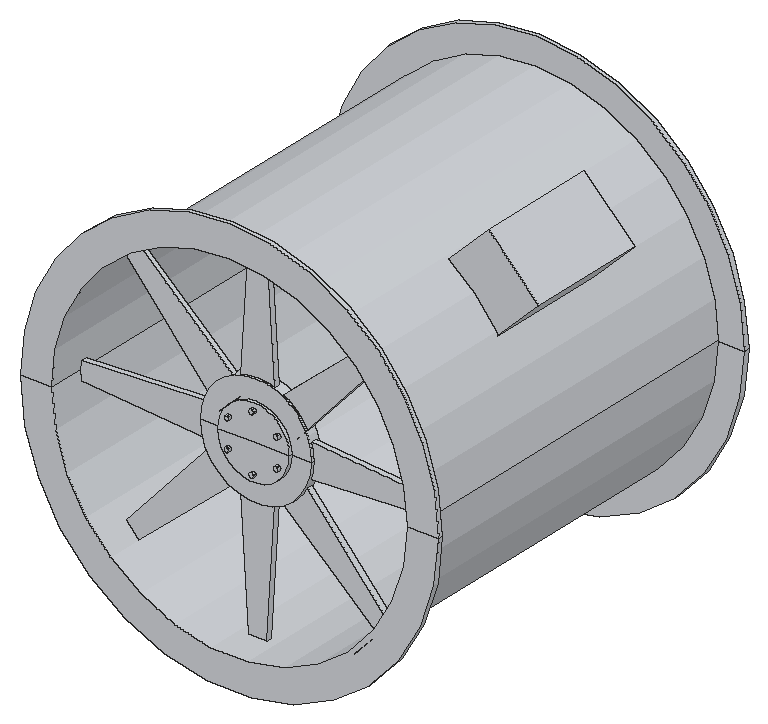
Revit family "CADS_Vent-Axia_MechEquip_Fan_LCA_400_1Ph2P - EXTRACT", category Mechanical Equipment, Revit 2020
Family settings
  Round Connector Dimension = Use Diameter
  Part Type = Normal
  OmniClass Number = 23.75.00.00
  OmniClass Title = Climate Control (HVAC)
  Work Plane-Based = No
  Always vertical = Yes
  Cut with Voids When Loaded = No
  Shared = No
  Room Calculation Point = No
Parameters (values of type "LCA401210")
  nr = NominalDiameter / 2  # 200 mm
  WorkingPressure = 0.0 Pa
  WarrantyStartDate [instance] = "1900-12-31T23:59:59"
  WarrantyPeriod = ""
  WarrantyIdentifier = "N/A"
  WarrantyGuarantorParts = "tech@vent-axia.com"
  WarrantyGuarantorLabor = "tech@vent-axia.com"
  WarrantyGuarantor = "Vent-Axia Limited"
  WarrantyEndDate [instance] = "1900-12-31T23:59:59"
  WarrantyContent = ""
  TemperatureRange = ""
  TagNumber [instance] = "N/A"
  SustainabilityPerformance = ""
  Status = "New"
  Size = ""
  Shape = ""
  ServiceLifeType = ""
  ServiceLifeDuration = ""
  SerialNumber [instance] = "N/A"
  ReplacementCost = ""
  RatedVoltage = 0 V
  RatedCurrent = 0 A
  Quantity = 1
  ProductionYear = ""
  PressureCurve = ""
  PowerFactor = ""
  PointOfContact = ""
  NumberOfPoles = 0
  NominalWidth = 400 mm
  NominalLength = 435 mm
  NominalHeight = 400 mm
  NominalFrequencyRange = ""
  NominalDiameter = 400 mm
  ModelReference = "LCAX 400mm 1PH 2P 10DEG"
  ModelNumber = "LCA401210"
  Material = ""
  ManufacturerE-Mail = "tech@vent-axia.com"
  ManufacturerAddress = "Fleming Way\nCrawley \nRH10 9YX"
  IsExtendedWarranty = no
  InsulationStandardClass = ""
  InstallationDate [instance] = "1900-12-31T23:59:59"
  IfcExportType [instance] = ""
  IfcExportAs = "IfcFanType"
  IP_Code = ""
  HasProtectiveEarth = no
  GrossWeight = 0.00 kg
  Grade = ""
  GlobalTradeItemNumber [instance] = "N/A"
  Fitting Type = "Ignore"
  Finish = ""
  Features = ""
  ExteriorInsulation = no
  ExpectedServiceLife = 0
  Exclusions = ""
  DurationUnit = "Year"
  Default Elevation = 0 mm
  Constituents = ""
  ConductorFunction = ""
  Color = ""
  CodePerformance = ""
  Category = ""
  CADS_Usage = 0
  CADS_Index = 0
  AssetType = "FIXED"
  AssetIdentifier [instance] = "N/A"
  AssemblyPlace = "UNKNOWN"
  ArticleNumber [instance] = "N/A"
  AirflowRateRange = 0.0 L/s
  Air Flow [instance] = 0.0 L/s
  AccessibilityPerformance = ""
Types (12, lengths in mm): name | ModelReference | ModelNumber
  LCA401210 | "LCAX 400mm 1PH 2P 10DEG" | "LCA401210"
  LCA401212 | "LCAX 400mm 1PH 2P 12DEG" | "LCA401212"
  LCA401214 | "LCAX 400mm 1PH 2P 14DEG" | "LCA401214"
  LCA401216 | "LCAX 400mm 1PH 2P 16DEG" | "LCA401216"
  LCA401218 | "LCAX 400mm 1PH 2P 18DEG" | "LCA401218"
  LCA401220 | "LCAX 400mm 1PH 2P 20DEG" | "LCA401220"
  LCA401222 | "LCAX 400mm 1PH 2P 22DEG" | "LCA401222"
  LCA401224 | "LCAX 400mm 1PH 2P 24DEG" | "LCA401224"
  LCA401226 | "LCAX 400mm 1PH 2P 26DEG" | "LCA401226"
  LCA401228 | "LCAX 400mm 1PH 2P 28DEG" | "LCA401228"
  LCA401230 | "LCAX 400mm 1PH 2P 30DEG" | "LCA401230"
  LCA401232 | "LCAX 400mm 1PH 2P 32DEG" | "LCA401232"
Reference planes
  plane 1 "Center (Front/Back)": y = 0
  plane 2: z = 0
  plane 3 "Center (Left/Right)": x = 0
  plane 4: x = -200
  plane 5: x = 200
  plane 6 "F": y = -217.5
  plane 7 "B": y = 217.5
  plane 8: x = -235
  plane 9: y = 212.5
  plane 10: y = -212.5
  plane 11: x = -205
  plane 12: y = -177.5
  plane 13 "top": z = 200
  plane 14: z = -200
  plane 15 "45deg": through (0, -1524, 0) normal (-0.7071, 0, -0.7071)
  plane 16 "C": through (0, -1524, 0) normal (-0.7071, 0, 0.7071)
Forms (mm)
  Revolve 1, solid
    sketch origin (0, 0, 0) x (1, 0, 0) y (0, 1, 0)
      loop
        line (-235, -217.5) -> (-200, -217.5) -> (-200, 217.5) -> (-235, 217.5) -> (-235, 212.5) -> (-205, 212.5) -> (-205, -212.5) -> (-235, -212.5) -> (-235, -217.5)
      axis (0, 217.5) -> (0, -217.5)
    angle from 0 to 360
  Sweep 2, solid
    path origin (0, 0, 0) x (1, 0, 0) y (0, 0, 1)
      loop
        line (141.421, 141.421) -> (187.383, 187.383)
    profile origin (164.402, 0, 164.402) x (-0.707107, 0, 0.707107) y (0, -1, 0)
      loop
        line (37.5, 55) -> (-42.73, 55) -> (-42.73, -79.5) -> (37.5, -79.5) -> (37.5, 55)
Dimensions and locks
  equal spacing: plane 4, plane 3 "Center (Left/Right)", plane 5
  equal spacing: plane 7 "B", plane 1 "Center (Front/Back)", plane 6 "F"
  "NominalLength": plane 7 "B" to plane 6 "F"
  "NominalDiameter": plane 4 to plane 5
  locked: plane 11 to plane 4 at 5
  locked: plane 8 to plane 11 at 30
  locked: plane 6 "F" to plane 10 at 5
  locked: plane 7 "B" to plane 9 at 5
  locked: plane 6 "F" to plane 12 at 40
  equal spacing: plane 13 "top", level, plane 14
  "NominalDiameter": plane 13 "top" to plane 14
  "nr": Sweep 2 sketch curve to nested 13
  Sweep 2 sketch curve to Sweep 2 sketch curve = 65 mm
  aligned and locked: level to plane 2
  aligned and locked: nested 1 to plane 12
Automatic sketch dimensions
  plane 6 "F" to Revolve 1 sketch curve = 0 mm
  Revolve 1 sketch curve to plane 8 = 0 mm  (x2)
  plane 10 to Revolve 1 sketch curve = 0 mm
  Revolve 1 sketch curve to plane 11 = 0 mm
  Revolve 1 sketch curve to plane 4 = 0 mm
  Revolve 1 sketch curve to plane 3 "Center (Left/Right)" = 0 mm
  plane 1 "Center (Front/Back)" to Revolve 1 sketch curve = 0 mm
  Revolve 1 sketch curve to plane 9 = 0 mm
  Revolve 1 sketch curve to plane 7 "B" = 0 mm
  plane 6 "F" to Revolve 1 sketch curve = 115 mm
  plane 1 "Center (Front/Back)" to Sweep 2 sketch curve = 55 mm
  Sweep 2 sketch curve to profile plane = 37.5 mm
  Sweep 2 sketch curve to Sweep 2 sketch curve = 80.23 mm
  Sweep 2 sketch curve to Sweep 2 sketch curve = 134.5 mm
  Sweep 2 sketch curve to plane 16 "C" = 0 mm  (x2)
Nested families
  nested 1: "Fan for ESC" at (0, -177.5, 0), ND <- "NominalDiameter", type "Fan for ESC"
    with hub 40 mm, ND 400 mm, BoltPCD 32 mm, Bolt Count 6, B_Diam 5 mm
  nested 2: "Bolts" at (27.713, -186.672, -16) x (-0.5, 0, -0.866) z (0, 1, 0), type "Bolts"
    with bd 5 mm
  nested 3: "Bolts" at (0, -186.672, -32) x (-1, 0, 0) z (0, 1, 0), type "Bolts"
    with bd 5 mm
  nested 4: "Bolts" at (-27.713, -186.672, -16) x (-0.5, 0, 0.866) z (0, 1, 0), type "Bolts"
    with bd 5 mm
  nested 5: "Bolts" at (-27.713, -186.672, 16) x (0.5, 0, 0.866) z (0, 1, 0), type "Bolts"
    with bd 5 mm
  nested 6: "Bolts" at (27.713, -186.672, 16) x (0.5, 0, -0.866) z (0, 1, 0), type "Bolts"
    with bd 5 mm
  nested 7: "Bolts" at (0, -186.672, 32) x (1, 0, 0) z (0, 1, 0), type "Bolts"
    with bd 5 mm
  nested 8: "ESC Blade" at (0, -177.5, 0), type "ESC Blade"
    with a 20.00°, HR 40 mm, HD 80 mm, BT 20 mm, BR 160 mm, BH 40 mm, BD 400 mm, BB 40 mm
  nested 9: "ESC Blade" at (0, -177.5, 0) x (0.7071, 0, -0.7071) z (0.7071, 0, 0.7071), type "ESC Blade"
    with a 20.00°, HR 40 mm, HD 80 mm, BT 20 mm, BR 160 mm, BH 40 mm, BD 400 mm, BB 40 mm
  nested 10: "ESC Blade" at (0, -177.5, 0) x (0, 0, -1) z (1, 0, 0), type "ESC Blade"
    with a 20.00°, HR 40 mm, HD 80 mm, BT 20 mm, BR 160 mm, BH 40 mm, BD 400 mm, BB 40 mm
  nested 11: "ESC Blade" at (0, -177.5, 0) x (-0.7071, 0, -0.7071) z (0.7071, 0, -0.7071), type "ESC Blade"
    with a 20.00°, HR 40 mm, HD 80 mm, BT 20 mm, BR 160 mm, BH 40 mm, BD 400 mm, BB 40 mm
  nested 12: "ESC Blade" at (0, -177.5, 0) x (-1, 0, 0) z (0, 0, -1), type "ESC Blade"
    with a 20.00°, HR 40 mm, HD 80 mm, BT 20 mm, BR 160 mm, BH 40 mm, BD 400 mm, BB 40 mm
  nested 13: "ESC Blade" at (0, -177.5, 0) x (-0.7071, 0, -0.7071) z (-0.7071, 0, 0.7071), type "ESC Blade"
    with a 20.00°, HR 40 mm, HD 80 mm, BT 20 mm, BR 160 mm, BH 40 mm, BD 400 mm, BB 40 mm
  nested 14: "ESC Blade" at (0, -177.5, 0) x (0, 0, -1) z (-1, 0, 0), type "ESC Blade"
    with a 20.00°, HR 40 mm, HD 80 mm, BT 20 mm, BR 160 mm, BH 40 mm, BD 400 mm, BB 40 mm
  nested 15: "ESC Blade" at (0, -177.5, 0) x (0.7071, 0, -0.7071) z (-0.7071, 0, -0.7071), type "ESC Blade"
    with a 20.00°, HR 40 mm, HD 80 mm, BT 20 mm, BR 160 mm, BH 40 mm, BD 400 mm, BB 40 mm
Connectors
  hvac at (0, -217.5, 0), driven by "NominalDiameter", driven by "Air Flow"
    settings: on Revolve 1, index 1, duct flow 0.0 L/s, flow factor 0, pres drop 0.0 Pa, loss coef 0, conn angle 0.00°, conn width 304.8 mm, conn height 304.8 mm, conn diameter 400 mm, duct sys type 2, conn prof type 0, flow config 0, flow direction 1, loss method 0, conn ref index -1, conn util no, is conn primary yes, conn desc ""
  hvac at (0, 217.5, 0), driven by "NominalDiameter", driven by "Air Flow"
    settings: on Revolve 1, index 2, duct flow 0.0 L/s, flow factor 0, pres drop 0.0 Pa, loss coef 0, conn angle 0.00°, conn width 304.8 mm, conn height 304.8 mm, conn diameter 400 mm, duct sys type 3, conn prof type 0, flow config 1, flow direction 2, loss method 0, conn ref index -1, conn util no, is conn primary no, conn desc ""
Definition of nested family "Fan for ESC"
  Parameters (values of type "Fan for ESC")
    hub [instance] = ND / 10  # 56.7 mm
    ND [instance] = 567 mm
    Model = "."
    Default Elevation = 0 mm
    BoltPCD [instance] = hub - (hub * 0.2)  # 45.36 mm
    Bolt Count [instance] = if(hub < 50 mm, 6, 8)  # 8
    B_Diam [instance] = if(hub < 50 mm, 5 mm, 10 mm)  # 10 mm
  Reference planes
    plane 1 "Center (Front/Back)": y = 0
    plane 2: z = 0
    plane 3 "Center (Left/Right)": x = 0
    plane 4 "back": y = 20
    plane 5 "bolts": y = -9.172
    plane 6 "B": z = 56.7
    plane 7: x = -79.287
    plane 8: x = -56.7
    plane 9 "hubface": y = -6.172
  Forms (mm)
    Revolve 1, solid
      sketch origin (0, 0, 0) x (1, 0, 0) y (0, 1, 0)
        loop
          line (0, 20) -> (-56.7, 20) -> (-56.7, 10.504) -> (-79.287, 10.504) -> (-79.287, -2.597) -> (-56.7, -2.597) -> (-56.7, -6.172) -> (0, -6.172) -> (0, 20)
        axis (0, 20) -> (0, -6.172)
      angle from 0 to 360
    Extrusion 2, solid, not visible
      sketch origin (0, -6.347, -4) x (-1, 0, 0) y (0, 0, 1)
        loop
          circle (0, 84) r 5
      from 0 to 3
  Lines and regions (mm)
    symbolic lines
      curve 1: circle (0, -9.172, 0) r 45.36 normal (0, 1, 0)
    model lines, not visible
      curve 2: line (0, -6.347, 85) -> (0, -6.347, 75)
  Dimensions and locks
    "hub": plane 6 "B" to plane 2
    "hub": nested 3 to plane 3 "Center (Left/Right)"
    "hub": nested 4 to plane 3 "Center (Left/Right)"
    "hub": nested 5 to plane 3 "Center (Left/Right)"
    "hub": plane 3 "Center (Left/Right)" to nested 6
    "hub": Revolve 1 sketch curve to Revolve 1 sketch curve
    "hub": plane 3 "Center (Left/Right)" to nested 7
    "hub": plane 3 "Center (Left/Right)" to nested 8
    "hub": plane 3 "Center (Left/Right)" to nested 9
    "hub": plane 8 to plane 3 "Center (Left/Right)"
    plane 7 to plane 8 = 22.587 mm
    diameter of Extrusion 2 sketch curve = 10 mm
    "BoltPCD": radius of curve 1
    "BoltPCD": radius of radial array
    aligned and locked: level to plane 2
    aligned and locked: plane 6 "B" to nested 1
  Automatic sketch dimensions
    Revolve 1 sketch curve to plane 7 = 0 mm
    Revolve 1 sketch curve to plane 8 = 0 mm  (x2)
    Revolve 1 sketch curve to plane 3 "Center (Left/Right)" = 0 mm
    Revolve 1 sketch curve to plane 9 "hubface" = 0 mm
    plane 4 "back" to Revolve 1 sketch curve = 0 mm
    plane 1 "Center (Front/Back)" to Revolve 1 sketch curve = 2.597 mm
    plane 4 "back" to Revolve 1 sketch curve = 9.496 mm
    Revolve 1 sketch curve to Revolve 1 sketch curve = 5 mm
    Revolve 1 sketch curve to plane 4 "back" = 45 mm
    curve 1 to level = 0 mm
    curve 1 to plane 3 "Center (Left/Right)" = 0 mm
  Nested families
    nested 1: "ESC Blade" at (0, 0, 0), BD <- "ND", HD <- "hub", type "ESC Blade"
      with a 20.00°, HR 56.7 mm, HD 113.4 mm, BT 28.35 mm, BR 226.8 mm, BH 40 mm, BD 567 mm, BB 56.7 mm
    nested 2: "ESC Blade" at (0, 0, 755), BD <- "ND", HD <- "hub", type "ESC Blade", not visible
      with a 20.00°, HR 56.7 mm, HD 113.4 mm, BT 28.35 mm, BR 226.8 mm, BH 40 mm, BD 567 mm, BB 56.7 mm
    nested 3: "ESC Blade" at (0, 0, 0) x (0.7071, 0, -0.7071) z (0.7071, 0, 0.7071), BD <- "ND", HD <- "hub", type "ESC Blade"
      with a 20.00°, HR 56.7 mm, HD 113.4 mm, BT 28.35 mm, BR 226.8 mm, BH 40 mm, BD 567 mm, BB 56.7 mm
    nested 4: "ESC Blade" at (0, 0, 0) x (0, 0, -1) z (1, 0, 0), BD <- "ND", HD <- "hub", type "ESC Blade"
      with a 20.00°, HR 56.7 mm, HD 113.4 mm, BT 28.35 mm, BR 226.8 mm, BH 40 mm, BD 567 mm, BB 56.7 mm
    nested 5: "ESC Blade" at (0, 0, 0) x (-0.7071, 0, -0.7071) z (0.7071, 0, -0.7071), BD <- "ND", HD <- "hub", type "ESC Blade"
      with a 20.00°, HR 56.7 mm, HD 113.4 mm, BT 28.35 mm, BR 226.8 mm, BH 40 mm, BD 567 mm, BB 56.7 mm
    nested 6: "ESC Blade" at (0, 0, 0) x (-1, 0, 0) z (0, 0, -1), BD <- "ND", HD <- "hub", type "ESC Blade"
      with a 20.00°, HR 56.7 mm, HD 113.4 mm, BT 28.35 mm, BR 226.8 mm, BH 40 mm, BD 567 mm, BB 56.7 mm
    nested 7: "ESC Blade" at (0, 0, 0) x (-0.7071, 0, -0.7071) z (-0.7071, 0, 0.7071), BD <- "ND", HD <- "hub", type "ESC Blade"
      with a 20.00°, HR 56.7 mm, HD 113.4 mm, BT 28.35 mm, BR 226.8 mm, BH 40 mm, BD 567 mm, BB 56.7 mm
    nested 8: "ESC Blade" at (0, 0, 0) x (0, 0, -1) z (-1, 0, 0), BD <- "ND", HD <- "hub", type "ESC Blade"
      with a 20.00°, HR 56.7 mm, HD 113.4 mm, BT 28.35 mm, BR 226.8 mm, BH 40 mm, BD 567 mm, BB 56.7 mm
    nested 9: "ESC Blade" at (0, 0, 0) x (0.7071, 0, -0.7071) z (-0.7071, 0, -0.7071), BD <- "ND", HD <- "hub", type "ESC Blade"
      with a 20.00°, HR 56.7 mm, HD 113.4 mm, BT 28.35 mm, BR 226.8 mm, BH 40 mm, BD 567 mm, BB 56.7 mm
    nested 10: "Bolts" at (0, -9.172, 45.36) x (1, 0, 0) z (0, 1, 0), bd <- "B_Diam", type "Bolts"
      with bd 10 mm
    nested 11: "Bolts" at (32.074, -9.172, 32.074) x (0.7071, 0, -0.7071) z (0, 1, 0), bd <- "B_Diam", type "Bolts"
      with bd 10 mm
    nested 12: "Bolts" at (-32.074, -9.172, 32.074) x (0.7071, 0, 0.7071) z (0, 1, 0), bd <- "B_Diam", type "Bolts"
      with bd 10 mm
    nested 13: "Bolts" at (-45.36, -9.172, 0) x (0, 0, 1) z (0, 1, 0), bd <- "B_Diam", type "Bolts"
      with bd 10 mm
    nested 14: "Bolts" at (-32.074, -9.172, -32.074) x (-0.7071, 0, 0.7071) z (0, 1, 0), bd <- "B_Diam", type "Bolts"
      with bd 10 mm
    nested 15: "Bolts" at (0, -9.172, -45.36) x (-1, 0, 0) z (0, 1, 0), bd <- "B_Diam", type "Bolts"
      with bd 10 mm
    nested 16: "Bolts" at (32.074, -9.172, -32.074) x (-0.7071, 0, -0.7071) z (0, 1, 0), bd <- "B_Diam", type "Bolts"
      with bd 10 mm
    nested 17: "Bolts" at (45.36, -9.172, 0) x (0, 0, -1) z (0, 1, 0), bd <- "B_Diam", type "Bolts"
      with bd 10 mm
  Definition of nested family "ESC Blade"
    Parameters (values of type "ESC Blade")
      a [instance] = 20.00°
      HR [instance] = HD / 2  # 30 mm
      HD [instance] = BD / 5  # 60 mm
      Default Elevation = 1219.2 mm
      BT [instance] = BD / 20  # 15 mm
      BR [instance] = (BD / 2) - HR  # 120 mm
      BH [instance] = 40 mm
      BD [instance] = 300 mm
      BB [instance] = BD / 10  # 30 mm
    Reference planes
      plane 1 "Center (Front/Back)": y = 0
      plane 2: z = 0
      plane 3 "Center (Left/Right)": x = 0
      plane 4 "Blade Bot": z = 30
      plane 5: x = -15
      plane 6: x = 15
      plane 7: x = -7.5
      plane 8: x = 7.5
    Forms (mm)
      Blend 1, solid
        base sketch origin (0, 0, 30) x (-1, 0, 0) y (0, -1, 0)
          loop
            line (15, 0) -> (-15, 0) -> (-15, -6) -> (15, -6) -> (15, 0)
        top sketch origin (0, 0, 30) x (-1, 0, 0) y (0, -1, 0)
          loop
            line (7.5, -6) -> (7.5, 0) -> (-7.5, 0) -> (-7.5, -6) -> (7.5, -6)
        from 0 to 120 <- "BR"
    Dimensions and locks
      "HR": plane 4 "Blade Bot" to level
      equal spacing: plane 8, plane 3 "Center (Left/Right)", plane 7
      "BT": plane 8 to plane 7
      equal spacing: plane 6, plane 3 "Center (Left/Right)", plane 5
      "BB": plane 6 to plane 5
      aligned and locked: level to plane 2
    Automatic sketch dimensions
      plane 1 "Center (Front/Back)" to Blend 1 sketch curve = 0 mm  (x2)
      Blend 1 sketch curve to plane 6 = 0 mm
      Blend 1 sketch curve to plane 5 = 0 mm
      Blend 1 sketch curve to plane 1 "Center (Front/Back)" = 6 mm  (x2)
      Blend 1 sketch curve to plane 8 = 0 mm
      Blend 1 sketch curve to plane 7 = 0 mm
  Definition of nested family "Bolts"
    Parameters
      bd [instance] = 10 mm
      Default Elevation = 1219.2 mm
    Reference planes
      plane 1 "Center (Front/Back)": y = 0
      plane 2: z = 0
      plane 3 "Center (Left/Right)": x = 0
    Forms (mm)
      Extrusion 1, solid
        sketch origin (0, 0, 0) x (1, 0, 0) y (0, 1, 0)
          loop
            line (-1219.2, 1219.2) -> (-1219.2, -1219.2) -> (1219.2, -1219.2) -> (1219.2, 1219.2) -> (-1219.2, 1219.2)
        from 0 to -304.8
      Extrusion 2, solid
        sketch origin (0, 0, 0) x (1, 0, 0) y (0, 1, 0)
          loop
            circle (0, 0) r 5
        from 0 to 3
    Dimensions and locks
      "bd": diameter of Extrusion 2 sketch curve
      aligned and locked: plane 2 to Extrusion 1
      aligned and locked: level to Extrusion 1
    Automatic sketch dimensions
      Extrusion 1 sketch curve to Extrusion 1 sketch curve = 2438.4 mm  (x2)
      plane 1 "Center (Front/Back)" to Extrusion 2 sketch curve = 0 mm
      Extrusion 2 sketch curve to plane 3 "Center (Left/Right)" = 0 mm
Definition of nested family "Bolts"
  Parameters
    bd [instance] = 10 mm
    Default Elevation = 1219.2 mm
  Reference planes
    plane 1 "Center (Front/Back)": y = 0
    plane 2: z = 0
    plane 3 "Center (Left/Right)": x = 0
  Forms (mm)
    Extrusion 1, solid
      sketch origin (0, 0, 0) x (1, 0, 0) y (0, 1, 0)
        loop
          line (-1219.2, 1219.2) -> (-1219.2, -1219.2) -> (1219.2, -1219.2) -> (1219.2, 1219.2) -> (-1219.2, 1219.2)
      from 0 to -304.8
    Extrusion 2, solid
      sketch origin (0, 0, 0) x (1, 0, 0) y (0, 1, 0)
        loop
          circle (0, 0) r 5
      from 0 to 3
  Dimensions and locks
    "bd": diameter of Extrusion 2 sketch curve
    aligned and locked: plane 2 to Extrusion 1
    aligned and locked: level to Extrusion 1
  Automatic sketch dimensions
    Extrusion 1 sketch curve to Extrusion 1 sketch curve = 2438.4 mm  (x2)
    plane 1 "Center (Front/Back)" to Extrusion 2 sketch curve = 0 mm
    Extrusion 2 sketch curve to plane 3 "Center (Left/Right)" = 0 mm
Definition of nested family "ESC Blade"
  Parameters (values of type "ESC Blade")
    a [instance] = 20.00°
    HR [instance] = HD / 2  # 30 mm
    HD [instance] = BD / 5  # 60 mm
    Default Elevation = 1219.2 mm
    BT [instance] = BD / 20  # 15 mm
    BR [instance] = (BD / 2) - HR  # 120 mm
    BH [instance] = 40 mm
    BD [instance] = 300 mm
    BB [instance] = BD / 10  # 30 mm
  Reference planes
    plane 1 "Center (Front/Back)": y = 0
    plane 2: z = 0
    plane 3 "Center (Left/Right)": x = 0
    plane 4 "Blade Bot": z = 30
    plane 5: x = -15
    plane 6: x = 15
    plane 7: x = -7.5
    plane 8: x = 7.5
  Forms (mm)
    Blend 1, solid
      base sketch origin (0, 0, 30) x (-1, 0, 0) y (0, -1, 0)
        loop
          line (15, 0) -> (-15, 0) -> (-15, -6) -> (15, -6) -> (15, 0)
      top sketch origin (0, 0, 30) x (-1, 0, 0) y (0, -1, 0)
        loop
          line (7.5, -6) -> (7.5, 0) -> (-7.5, 0) -> (-7.5, -6) -> (7.5, -6)
      from 0 to 120 <- "BR"
  Dimensions and locks
    "HR": plane 4 "Blade Bot" to level
    equal spacing: plane 8, plane 3 "Center (Left/Right)", plane 7
    "BT": plane 8 to plane 7
    equal spacing: plane 6, plane 3 "Center (Left/Right)", plane 5
    "BB": plane 6 to plane 5
    aligned and locked: level to plane 2
  Automatic sketch dimensions
    plane 1 "Center (Front/Back)" to Blend 1 sketch curve = 0 mm  (x2)
    Blend 1 sketch curve to plane 6 = 0 mm
    Blend 1 sketch curve to plane 5 = 0 mm
    Blend 1 sketch curve to plane 1 "Center (Front/Back)" = 6 mm  (x2)
    Blend 1 sketch curve to plane 8 = 0 mm
    Blend 1 sketch curve to plane 7 = 0 mm
